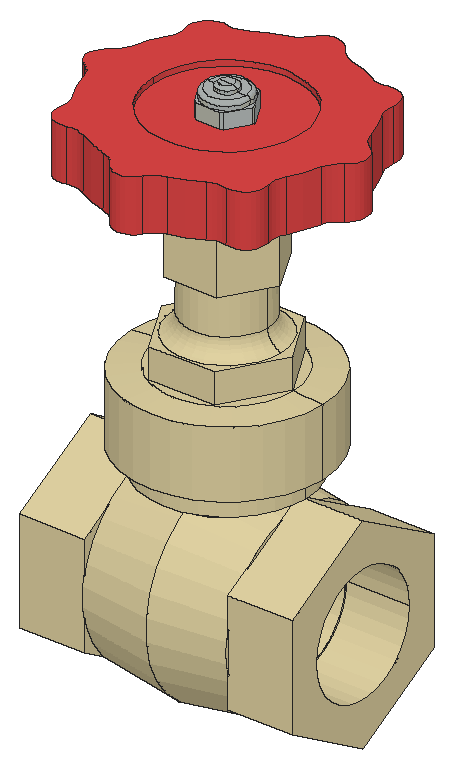
Revit family "AA00150000", category Apparecchi idraulici, Revit 2020
Family settings
  Quota connettore circolare = Usa diametro
  Tipo di parte = Normale
  Numero OmniClass = 23.45.00.00
  Titolo OmniClass = Sanitary, Laundry, and Cleaning Equipment
  Basato su piano di lavoro = No
  Sempre verticale = Sì
  Taglio con vuoti quando caricato = No
  Condiviso = No
  Punto di calcolo locali = No
Parameters
  URL = "https://web.cimberio.it/index.php/figura/624?subcategoria_id=10053"
  Temperatura di esercizio = "-10 ÷ 180/186°C"
  Prospetto di default = 0 mm
  Produttore = "CIMBERIO SPA"
  Pressione nominale = "PN 20 (Watermark) - PN 25 (BSI Kitemark)"
  Modello = "Cim 70BSCR"
  Materiale = "Prodotto in lega di ottone “CR” – “DZR” conforme alla norma EN 12165-CW602N-M"
  Descrizione = "Utilizzato nei più svariati settori dell'impiantistica: impianti di riscaldamento, condizionamento, idrici, igienico-sanitari, reti di distribuzione oli, benzine, vapore saturo e in generale con ogni fluido non corrosivo"
  DN Model [instance] = AA00151032 : AA00151032
  DN [instance] = 32 mm
  Commenti sul tipo = "Realizzato in ottemperanza ai requisiti gestionali della norma EN ISO 9001.\r\nCollaudato al 100% secondo la normativa EN 12266-1."
Reference planes
  plane 1 "Centro (Fronte/Retro)": y = 0
  plane 2: z = 0
  plane 3 "Centro (Sinistra/Destra)": x = 0
Dimensions and locks
  aligned and locked: level to plane 2
Nested families
  nested 1: "AA00151032" at (0, 0, 0), type <- "DN Model", type "AA00151032"
  nested 2: "AA00151032" at (0, 0, 0), type <- "DN Model", type "AA00151032"
  nested 3: "AA00151032" at (0, 0, 0), type <- "DN Model", type "AA00151032"
  nested 4: "AA00151032" at (0, 0, 0), type <- "DN Model", type "AA00151032"
  nested 5: "AA00151032" at (0, 0, 0), type <- "DN Model", type "AA00151032"
  nested 6: "AA00151032" at (0, 0, 0), type <- "DN Model", type "AA00151032"
Connectors
  piping at (36.893, 0, 0), diameter 32, driven by "DN"
    settings: on nested 1, index 1, connector inside diameter 609.6 mm, connector length 0 mm, flow factor 0, pipe flow 0.0 L/s, pressure drop 0.0 Pa, fitting loss kfactor 0, connector angle 0.00°, fixture units 0, engagement length 0 mm, angle of deflection 0.00°, flow configuration 0, flow direction 0, fitting loss method 0, system type 7, joint type 0, gender type 0, connector reference index -1, connector utility 0, adjustable connector no, is connector primary yes, connector description ""
  piping at (-37.063, 0, 0), diameter 32, driven by "DN"
    settings: on nested 1, index 2, connector inside diameter 609.6 mm, connector length 0 mm, flow factor 0, pipe flow 0.0 L/s, pressure drop 0.0 Pa, fitting loss kfactor 0, connector angle 0.00°, fixture units 0, engagement length 0 mm, angle of deflection 0.00°, flow configuration 0, flow direction 0, fitting loss method 0, system type 7, joint type 0, gender type 0, connector reference index -1, connector utility 0, adjustable connector no, is connector primary no, connector description ""
Definition of nested family "AA00151032"
  Parameters (values of type "AA00151032")
    Default Elevation = 0 mm
  Reference planes
    plane 1 "Centro (Fronte/Retro)": y = 0
    plane 2: z = 0
    plane 3 "Centro (Sinistra/Destra)": x = 0
  Forms (mm)
    Revolve 1, solid
      sketch origin (0, 0, 0) x (1, 0, 0) y (0, 0, 1)
        loop
          line (19.503, -16) -> (-19.503, -16) -> (-19.503, -24.769) -> (0, -27.51) -> (19.503, -24.769) -> (19.503, -16)
        axis (-19.503, 0) -> (19.503, 0)
      angle from 0 to 360
    Extrusion 2, solid
      sketch origin (0, 0, 0) x (0, 1, 0) y (0, 0, 1)
        loop
          circle (0, 0) r 16
        loop
          line (0, 27.7) -> (-23.989, 13.85) -> (-23.989, -13.85) -> (0, -27.7) -> (23.989, -13.85) -> (23.989, 13.85) -> (0, 27.7)
      from -37.063 to -19.503
    Revolve 3, solid
      sketch origin (0, 0, 33) x (1, 0, 0) y (0, 0, 1)
        loop
          line (-14, -20.283) -> (0, -20.283) -> (0, 19.686) -> (-18.206, 19.686) -> (-26, 19.004) -> (-26, 0.866) -> (-21.5, -0.34) -> (-21.5, -5.3) -> (-14, -5.3) -> (-14, -20.283)
        axis (0, 19.686) -> (0, -20.283)
      angle from 0 to 360
    Extrusion 4, solid
      sketch origin (0, 0, 23.5) x (0, -1, 0) y (1, 0, 0)
        loop
          line (0, 17.75) -> (-15.372, 8.875) -> (-15.372, -8.875) -> (0, -17.75) -> (15.372, -8.875) -> (15.372, 8.875) -> (0, 17.75)
      from 29.186 to 37.225
    Revolve 5, solid
      sketch origin (0, 0, 34) x (1, 0, 0) y (0, 0, 1)
        loop
          line (0, 42.988) -> (-10.95, 42.988) -> (-11, 31.555)
          arc (-11, 31.555) -> (-12.039, 28.516) -> (-14.706, 26.725) r 5.029
          line (-14.706, 26.725) -> (0, 26.725) -> (0, 42.988)
        axis (0, 42.988) -> (0, 26.725)
      angle from 0 to 360
    Extrusion 6, solid
      sketch origin (0, 0, 23.5) x (0, -1, 0) y (1, 0, 0)
        loop
          line (0, 14.4) -> (-12.471, 7.2) -> (-12.471, -7.2) -> (0, -14.4) -> (12.471, -7.2) -> (12.471, 7.2) -> (0, 14.4)
      from 53.488 to 69
    Revolve 7, solid
      sketch origin (0, 0, 36.008) x (1, 0, 0) y (0, 0, 1)
        loop
          line (-10, 66.336) -> (-10, 64.992)
          arc (-10, 64.992) -> (-9.854, 64.639) -> (-9.5, 64.492) r 0.5
          line (-9.5, 64.492) -> (-5, 64.492) -> (-5, 53.951) -> (0, 53.951) -> (0, 66.336) -> (-10, 66.336)
        axis (0, 66.336) -> (0, 53.951)
      angle from 0 to 360
    Extrusion 8, solid
      sketch origin (0, 0, 23.5) x (0.982415, 0.18671, 0) y (-0.18671, 0.982415, 0)
        loop
          spline (-16.266, 31.079) -> (-17.215, 31.383) -> (-18.159, 31.542) -> (-19.079, 31.554) -> (-19.955, 31.418) -> (-20.77, 31.138) -> (-21.509, 30.718) -> (-22.156, 30.168) -> (-22.699, 29.497) -> (-23.126, 28.72) -> (-23.429, 27.852) -> (-23.602, 26.911) -> (-23.642, 25.914)
          arc (-23.642, 25.914) -> (-24.024, 23.423) -> (-25.269, 21.232) r 6.956
          arc (-25.269, 21.232) -> (-27.836, 17.734) -> (-29.922, 13.929) r 33.005
          arc (-29.922, 13.929) -> (-31.382, 11.874) -> (-33.478, 10.475) r 6.957
          spline (-33.478, 10.475) -> (-34.364, 10.018) -> (-35.144, 9.463) -> (-35.803, 8.821) -> (-36.326, 8.106) -> (-36.705, 7.331) -> (-36.93, 6.512) -> (-36.998, 5.665) -> (-36.908, 4.807) -> (-36.661, 3.956) -> (-36.261, 3.128) -> (-35.718, 2.34) -> (-35.041, 1.607)
          arc (-35.041, 1.607) -> (-33.55, -0.425) -> (-32.881, -2.855) r 6.956
          arc (-32.881, -2.855) -> (-32.223, -7.143) -> (-31.007, -11.308) r 33.005
          arc (-31.007, -11.308) -> (-30.587, -13.794) -> (-31.079, -16.266) r 6.959
          spline (-31.079, -16.266) -> (-31.383, -17.215) -> (-31.542, -18.159) -> (-31.554, -19.079) -> (-31.418, -19.955) -> (-31.138, -20.77) -> (-30.718, -21.509) -> (-30.168, -22.156) -> (-29.497, -22.699) -> (-28.72, -23.126) -> (-27.852, -23.429) -> (-26.911, -23.602) -> (-25.914, -23.642)
          arc (-25.914, -23.642) -> (-23.423, -24.024) -> (-21.232, -25.269) r 6.955
          arc (-21.232, -25.269) -> (-17.734, -27.836) -> (-13.929, -29.922) r 33.005
          arc (-13.929, -29.922) -> (-11.881, -31.375) -> (-10.483, -33.46) r 6.958
          spline (-10.483, -33.46) -> (-10.027, -34.349) -> (-9.472, -35.133) -> (-8.831, -35.794) -> (-8.116, -36.321) -> (-7.34, -36.701) -> (-6.52, -36.929) -> (-5.672, -36.999) -> (-4.813, -36.909) -> (-3.96, -36.662) -> (-3.131, -36.263) -> (-2.341, -35.719) -> (-1.607, -35.041)
          arc (-1.607, -35.041) -> (0.425, -33.55) -> (2.855, -32.881) r 6.956
          arc (2.855, -32.881) -> (7.144, -32.222) -> (11.309, -31.007) r 33.005
          arc (11.309, -31.007) -> (13.784, -30.586) -> (16.247, -31.072) r 6.957
          spline (16.247, -31.072) -> (17.2, -31.379) -> (18.147, -31.541) -> (19.07, -31.555) -> (19.949, -31.42) -> (20.768, -31.139) -> (21.509, -30.718) -> (22.158, -30.165) -> (22.702, -29.492) -> (23.129, -28.712) -> (23.432, -27.84) -> (23.604, -26.894) -> (23.641, -25.894)
          arc (23.641, -25.894) -> (24.027, -23.414) -> (25.269, -21.232) r 6.956
          arc (25.269, -21.232) -> (27.836, -17.734) -> (29.921, -13.929) r 33.005
          arc (29.921, -13.929) -> (31.375, -11.881) -> (33.46, -10.483) r 6.959
          spline (33.46, -10.483) -> (34.351, -10.026) -> (35.135, -9.47) -> (35.797, -8.828) -> (36.324, -8.11) -> (36.704, -7.333) -> (36.93, -6.511) -> (36.998, -5.662) -> (36.907, -4.801) -> (36.657, -3.947) -> (36.255, -3.117) -> (35.707, -2.327) -> (35.026, -1.593)
          arc (35.026, -1.593) -> (33.546, 0.434) -> (32.881, 2.854) r 6.955
          arc (32.881, 2.854) -> (32.223, 7.143) -> (31.007, 11.308) r 33.005
          arc (31.007, 11.308) -> (30.586, 13.784) -> (31.072, 16.247) r 6.958
          spline (31.072, 16.247) -> (31.377, 17.192) -> (31.539, 18.131) -> (31.556, 19.047) -> (31.427, 19.92) -> (31.154, 20.734) -> (30.743, 21.473) -> (30.202, 22.122) -> (29.542, 22.668) -> (28.776, 23.1) -> (27.919, 23.411) -> (26.987, 23.593) -> (26, 23.643)
          arc (26, 23.643) -> (23.464, 24.01) -> (21.232, 25.269) r 6.961
          arc (21.232, 25.269) -> (17.733, 27.836) -> (13.929, 29.922) r 33.005
          arc (13.929, 29.922) -> (11.874, 31.382) -> (10.475, 33.478) r 6.957
          spline (10.475, 33.478) -> (10.017, 34.365) -> (9.461, 35.147) -> (8.818, 35.806) -> (8.101, 36.329) -> (7.324, 36.707) -> (6.503, 36.932) -> (5.655, 36.998) -> (4.796, 36.906) -> (3.943, 36.656) -> (3.114, 36.253) -> (2.325, 35.706) -> (1.593, 35.026)
          arc (1.593, 35.026) -> (-0.434, 33.546) -> (-2.854, 32.881) r 6.956
          arc (-2.854, 32.881) -> (-7.143, 32.223) -> (-11.308, 31.007) r 33.005
          arc (-11.308, 31.007) -> (-13.794, 30.587) -> (-16.266, 31.079) r 6.959
      from 78 to 91.983
    Extrusion 9, void
      sketch origin (0, -1.881, 23.5) x (1, 0, 0) y (0, 1, 0)
        loop
          circle (-0.133, 1.881) r 20
      from 90.5 to 92.729
    Extrusion 10, solid
      sketch origin (-0.001, -0.001, 38.5) x (0.774567, -0.632491, 0) y (0.632491, 0.774567, 0)
        loop
          arc (-6.599, 3.005) -> (-6.779, 2.572) -> (-6.931, 2.128) r 7.25
          line (-6.931, 2.128) -> (-5.901, -4.211)
          arc (-5.901, -4.211) -> (-5.616, -4.584) -> (-5.307, -4.937) r 7.25
          line (-5.307, -4.937) -> (0.698, -7.215)
          arc (0.698, -7.215) -> (1.163, -7.154) -> (1.624, -7.064) r 7.25
          line (1.624, -7.064) -> (6.598, -3.002)
          arc (6.598, -3.002) -> (6.779, -2.569) -> (6.931, -2.125) r 7.25
          line (6.931, -2.125) -> (5.9, 4.214)
          arc (5.9, 4.214) -> (5.615, 4.587) -> (5.307, 4.941) r 7.25
          line (5.307, 4.941) -> (-0.698, 7.218)
          arc (-0.698, 7.218) -> (-1.164, 7.158) -> (-1.624, 7.068) r 7.25
          line (-1.624, 7.068) -> (-6.599, 3.005)
      from 75 to 79.5
    Revolve 11, solid
      sketch origin (0, 0, 38.5) x (1, 0, 0) y (0, 0, 1)
        loop
          line (0, 81.5) -> (0, 79.5) -> (6.25, 79.5) -> (6.25, 80.5)
          arc (6.25, 80.5) -> (5.957, 81.207) -> (5.25, 81.5) r 1
          line (5.25, 81.5) -> (0, 81.5)
        axis (0, 81.5) -> (0, 79.5)
      angle from 0 to 360
    Revolve 12, solid
      sketch origin (0, 0, 26.508) x (1, 0, 0) y (0, 0, 1)
        loop
          line (0, 95) -> (0, 93) -> (1.851, 93) -> (2.902, 93.446) -> (2.902, 94.245) -> (1.9, 95) -> (0, 95)
        axis (0, 95) -> (0, 93)
      angle from 0 to 360
    Extrusion 13, solid
      sketch origin (0, 0, 0) x (0, 1, 0) y (0, 0, -1)
        loop
          circle (0, 0) r 16
        loop
          line (0, -27.7) -> (23.989, -13.85) -> (23.989, 13.85) -> (0, 27.7) -> (-23.989, 13.85) -> (-23.989, -13.85) -> (0, -27.7)
      from -36.893 to -19.503
  Cuts and joins
    Extrusion 9 cuts Extrusion 8
  Dimensions and locks
    aligned and locked: level to plane 2
